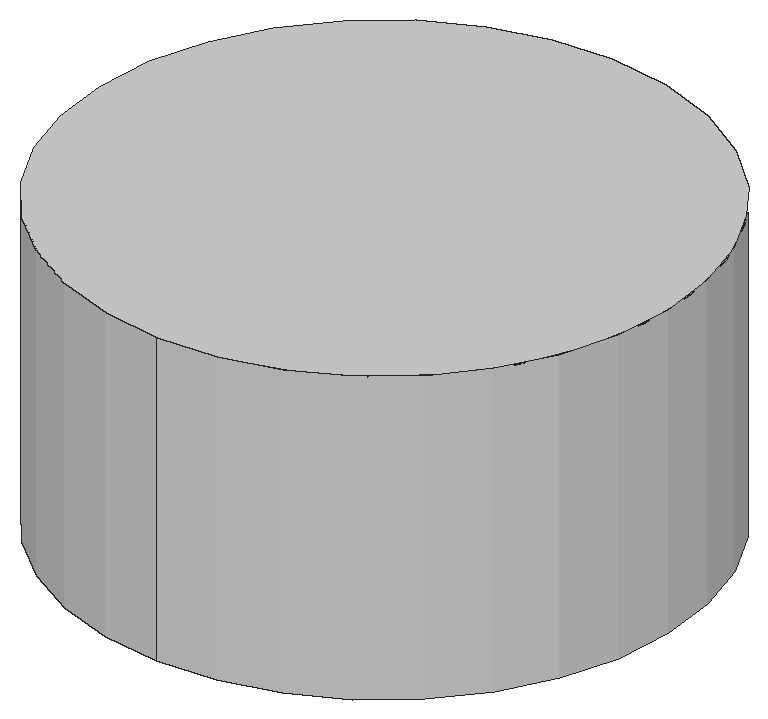
Revit family "Lum_Teto_Spot_Embu", category Lighting Fixtures, host Ceiling, Revit 2025
Family settings
  Host = Ceiling
  Round Connector Dimension = Use Diameter
  Part Type = Normal
  OmniClass Number = 23.80.70.11
  OmniClass Title = Luminaries for Internal Lighting
  Always vertical = Yes
  Cut with Voids When Loaded = Yes
  Light Source = Yes
  Maintain Annotation Orientation = No
  Shared = No
  Room Calculation Point = No
Parameters (values of type "Luminária_Spot_Embutido")
  Wattage = 9.2903 W
  built-in parameter 1150110 = 1 (stored number, unit not read)
  built-in parameter 1114217 = 1 (stored number, unit not read)
  built-in parameter 1150109 = 1 (stored number, unit not read)
  Lumi_Material = CT_Luminaria
  Lumi_Raio_Interno = Lumi_Raio * 0.95  # 51.3 mm
  Lumi_Raio = 54 mm
  Lumi_Altura_Resalto = 12 mm
  Lumi_Altura_Embutida = 45 mm
  Default Elevation = 0 mm
  built-in parameter 1150134 = (empty or 0)
  built-in parameter 1150113 = 1 (stored number, unit not read)
  Lumens = 1380 lm
  built-in parameter 1150115 = 1 (stored number, unit not read)
  built-in parameter 1150105 = 439.27 (stored number, unit not read)
  Light Source Symbol Size = Lumi_Raio_Interno * 2  # 102.6 mm
  built-in parameter 1150137 = (empty or 0)
  built-in parameter 1150139 = (empty or 0)
  built-in parameter 1150112 = 1 (stored number, unit not read)
  built-in parameter 1150114 = 1 (stored number, unit not read)
  built-in parameter 1150132 = 2
  built-in parameter 1150102 = (empty or 0)
  built-in parameter 1150138 = (empty or 0)
  built-in parameter 1150107 = 3000 (stored number, unit not read)
  built-in parameter 1150106 = 4.3927 (stored number, unit not read)
  built-in parameter 1150104 = 13.8 (stored number, unit not read)
  Dimming Lamp Color Temperature Shift = <None>
  Color Filter = 16777215
  built-in parameter 1114218 = 1 (stored number, unit not read)
  built-in parameter 1150133 = 10 (stored number, unit not read)
Reference planes
  plane 1 "Eixo de origem da luz (F/T)": y = 0
  plane 2: z = 0
  plane 3 "Eixo de origem da luz (E/D)": x = 0
  plane 4 "Forro": z = 4000
  plane 5 "Elevação da origem da luz": z = 3988
  plane 6: z = 4045
Forms (mm)
  Extrusion 1, solid, material "CT_Luminaria" <- "Lumi_Material"
    sketch origin (0, 0, 4000) x (0, 1, 0) y (-1, 0, 0)
      loop
        circle (0, 0) r 54
    from 45 to -10
Lines and regions (mm)
  Opening 1
    outline origin (0, 0, 4000) x (1, 0, 0) y (0, 1, 0)
      loop
        circle (0, 0) r 54
Dimensions and locks
  equal spacing: host sketch curve, plane 3 "Eixo de origem da luz (E/D)", host sketch curve
  equal spacing: host sketch curve, plane 1 "Eixo de origem da luz (F/T)", host sketch curve
  host sketch curve to host sketch curve = 4000 mm  (x2)
  plane 4 "Forro" to host ceiling = 0 mm
  "Lumi_Altura_Resalto": plane 5 "Elevação da origem da luz" to plane 4 "Forro"
  "Lumi_Altura_Embutida": plane 6 to plane 4 "Forro"
  "Lumi_Raio": radius of Extrusion 1 sketch curve
  aligned and locked: plane 3 "Eixo de origem da luz (E/D)" to imposter light
  aligned and locked: plane 1 "Eixo de origem da luz (F/T)" to imposter light
  aligned and locked: plane 5 "Elevação da origem da luz" to imposter light
  aligned and locked: plane 6 to Extrusion 1
  aligned and locked: Opening 1 sketch curve to Extrusion 1
Automatic sketch dimensions
  plane 1 "Eixo de origem da luz (F/T)" to Extrusion 1 sketch curve = 0 mm
  Extrusion 1 sketch curve to plane 3 "Eixo de origem da luz (E/D)" = 0 mm
